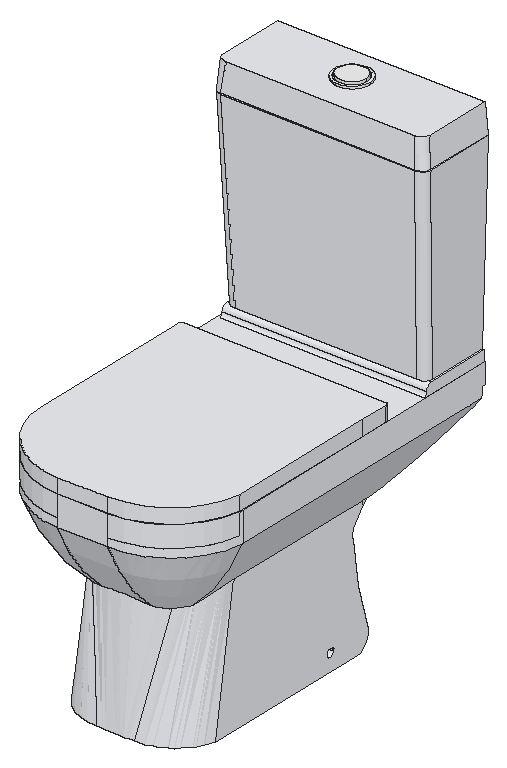
Revit family "MIRAGE TOP FLUSH SUITE", category Plumbing Fixtures, Revit 2019
Family settings
  Round Connector Dimension = Use Diameter
  Part Type = Normal
  OmniClass Number = 23.45.00.00
  OmniClass Title = Sanitary, Laundry, and Cleaning Equipment
  Work Plane-Based = No
  Always vertical = Yes
  Cut with Voids When Loaded = No
  Shared = No
  Room Calculation Point = No
Parameters
  Finish = none
Reference planes
  plane 1: z = 0
  plane 2 "Center (Left/Right)": x = 0
Forms (mm)
  Blend 1, solid, material "TOILET"
    base sketch origin (0, -15, 0) x (1, 0, 0) y (0, 1, 0)
      loop
        line (-124.697, 47.856) -> (-124.697, -397.144)
        arc (-124.697, -397.144) -> (-90.795, -446.583) -> (-33.953, -465.625) r 94.364
        line (-33.953, -465.625) -> (33.953, -465.625)
        arc (33.953, -465.625) -> (90.794, -446.585) -> (124.696, -397.148) r 94.364
        line (124.696, -397.148) -> (124.696, 47.856) -> (124.696, 51.266)
        arc (124.696, 51.266) -> (123.587, 54.015) -> (121.35, 55.96) r 6.343
        line (121.35, 55.96) -> (-120.05, 56.464)
        arc (-120.05, 56.464) -> (-123.152, 54.561) -> (-124.697, 51.266) r 6.343
        line (-124.697, 51.266) -> (-124.697, 47.856)
    top sketch origin (0, -15, 0) x (1, 0, 0) y (0, 1, 0)
      loop
        line (-110.859, -26.347) -> (-110.859, -355.899)
        arc (-110.859, -355.899) -> (-101.21, -392.217) -> (-79.205, -422.679) r 103.272
        arc (-79.205, -422.679) -> (1.311, -454.943) -> (81.828, -422.679) r 116.599
        arc (81.828, -422.679) -> (107.199, -386.558) -> (116.826, -343.48) r 113.197
        line (116.826, -343.48) -> (116.826, -73.063) -> (117.145, 41.442)
        arc (117.145, 41.442) -> (116.352, 43.962) -> (114.239, 45.548) r 4.319
        line (114.239, 45.548) -> (-107.62, 46.011)
        arc (-107.62, 46.011) -> (-109.781, 44.725) -> (-110.859, 42.453) r 4.319
        line (-110.859, 42.453) -> (-110.859, -26.347)
    from 0 to 257.733
  Extrusion 2, solid, material "TOILET"
    sketch origin (0, 0, 0) x (1, 0, 0) y (0, 1, 0)
      loop
        line (-184.114, 71.129) -> (-184.114, -414.92)
        arc (-184.114, -414.92) -> (-142.287, -515.901) -> (-41.306, -557.728) r 142.808
        line (-41.306, -557.728) -> (47.556, -557.728)
        arc (47.556, -557.728) -> (139.688, -524.034) -> (188.344, -438.852) r 142.808
        line (188.344, -438.852) -> (188.344, -111.87) -> (188.938, 100.768)
        arc (188.938, 100.768) -> (187.655, 104.841) -> (184.241, 107.405) r 6.982
        line (184.241, 107.405) -> (-178.891, 108.163)
        arc (-178.891, 108.163) -> (-182.304, 106.202) -> (-184.114, 102.706) r 6.982
        line (-184.114, 102.706) -> (-184.114, 71.129)
    from 364.786 to 403.039
  Extrusion 3, solid, material "TOILET"
    sketch origin (0, 0, 61.076) x (1, 0, 0) y (0, 1, 0)
      loop
        line (-184.114, -141.659) -> (-184.114, -414.92)
        arc (-184.114, -414.92) -> (-142.287, -515.901) -> (-41.306, -557.728) r 142.808
        line (-41.306, -557.728) -> (47.556, -557.728)
        arc (47.556, -557.728) -> (139.688, -524.034) -> (188.344, -438.852) r 142.808
        line (188.344, -438.852) -> (188.344, -165.445) -> (188.493, -112.021)
        arc (188.493, -112.021) -> (187.211, -107.948) -> (183.796, -105.384) r 6.982
        line (183.796, -105.384) -> (-178.801, -104.627)
        arc (-178.801, -104.627) -> (-182.433, -106.832) -> (-184.114, -110.734) r 6.982
        line (-184.114, -110.734) -> (-184.114, -141.659)
    from 343.039 to 368.924
  Blend 4, void
    base sketch origin (0, 0, 0) x (1, 0, 0) y (0, 1, 0)
      loop
        arc (-40.491, -335.184) -> (-1.305, -374.37) -> (37.88, -335.184) r 39.186
        line (37.88, -335.184) -> (37.88, -256.039) -> (-40.491, -256.039) -> (-40.491, -335.184)
    top sketch origin (0, 0, 0) x (1, 0, 0) y (0, 1, 0)
      loop
        arc (-103.256, -274.833) -> (-104.211, -334.544) -> (-103.256, -394.254) r 1866.863
        arc (-103.256, -394.254) -> (-88.787, -441.002) -> (-52.462, -473.793) r 92.346
        arc (-52.462, -473.793) -> (8.789, -488.333) -> (70.04, -473.793) r 136.282
        arc (70.04, -473.793) -> (106.365, -441.002) -> (120.834, -394.254) r 92.346
        arc (120.834, -394.254) -> (121.789, -334.544) -> (120.834, -274.833) r 1866.863
        arc (120.834, -274.833) -> (113.89, -253.979) -> (96.669, -240.321) r 38.506
        arc (96.669, -240.321) -> (8.789, -223.372) -> (-79.09, -240.321) r 236.299
        arc (-79.09, -240.321) -> (-96.312, -253.979) -> (-103.256, -274.833) r 38.506
    from 246.919 to 402.146
  Extrusion 5, solid, material <- "Finish"
    sketch origin (1.195, 749.535, 842.871) x (0, 1, 0) y (-1, 0, 0)
      loop
        circle (-703.35, -0.057) r 32
      loop
        circle (-703.35, -0.057) r 28.331
    from -30.695 to -19.07
  Extrusion 6, solid, material <- "Finish"
    sketch origin (1.195, 749.535, 842.871) x (0, 1, 0) y (-1, 0, 0)
      loop
        circle (-703.546, -0.324) r 25
    from -35.934 to -15.613
  Blend 7, solid, material "TOILET"
    base sketch origin (0, -17.382, 0) x (1, 0, 0) y (0, 1, 0)
      loop
        line (-176.441, 125.171) -> (-176.441, 18.304)
        arc (-176.441, 18.304) -> (-171.461, 6.282) -> (-159.439, 1.302) r 17.002
        line (-159.439, 1.302) -> (167.794, 1.302)
        arc (167.794, 1.302) -> (178.859, 5.396) -> (184.596, 15.704) r 17.002
        line (184.596, 15.704) -> (184.596, 125.171) -> (-176.441, 125.171)
    top sketch origin (0, -17.382, 0) x (1, 0, 0) y (0, 1, 0)
      loop
        line (-186.441, 125.171) -> (-186.441, 1.302)
        arc (-186.441, 1.302) -> (-181.461, -10.72) -> (-169.439, -15.7) r 17.002
        line (-169.439, -15.7) -> (177.794, -15.7)
        arc (177.794, -15.7) -> (188.859, -11.606) -> (194.596, -1.297) r 17.002
        line (194.596, -1.297) -> (194.596, 125.171) -> (-186.441, 125.171)
    from 422.686 to 767.2
  Extrusion 8, solid, material "TOILET"
    sketch origin (0, 46.91, 0) x (0, 1, 0) y (0, 0, 1)
      loop
        line (60.879, 402.146) -> (60.879, 422.686) -> (-55.806, 422.686)
        arc (-55.806, 422.686) -> (-63.817, 419.368) -> (-67.135, 411.357) r 11.329
        arc (-67.135, 411.357) -> (-68.56, 406.039) -> (-72.454, 402.146) r 10.637
        line (-72.454, 402.146) -> (60.879, 402.146)
    from -177.705 to 188.344
  Blend 9, solid, material "TOILET"
    base sketch origin (0, -17.382, 0) x (1, 0, 0) y (0, 1, 0)
      loop
        line (-186.441, 125.171) -> (-186.441, 1.302)
        arc (-186.441, 1.302) -> (-181.461, -10.72) -> (-169.439, -15.7) r 17.002
        line (-169.439, -15.7) -> (177.794, -15.7)
        arc (177.794, -15.7) -> (188.859, -11.606) -> (194.596, -1.297) r 17.002
        line (194.596, -1.297) -> (194.596, 125.171) -> (-186.441, 125.171)
    top sketch origin (0, -17.382, 0) x (1, 0, 0) y (0, 1, 0)
      loop
        line (-181.285, 125.171) -> (-181.285, 4.472)
        arc (-181.285, 4.472) -> (-176.433, -7.242) -> (-164.719, -12.094) r 16.567
        line (-164.719, -12.094) -> (173.628, -12.094)
        arc (173.628, -12.094) -> (184.41, -8.106) -> (190, 1.939) r 16.567
        line (190, 1.939) -> (190, 125.171) -> (-181.285, 125.171)
    from 769.981 to 820.883
  Extrusion 10, void
    sketch origin (0, -78.336, -4.875) x (0, 1, 0) y (0, 0, 1)
      loop
        circle (-77.495, 34.652) r 8
    from -288.146 to 500
  Extrusion 11, void
    sketch origin (0, 0, 0) x (0, 1, 0) y (0, 0, 1)
      loop
        line (106.085, 403.039) -> (102.483, 361.499)
        arc (102.483, 361.499) -> (98.514, 348.721) -> (89.095, 339.218) r 28.158
        arc (89.095, 339.218) -> (-14.668, 284.269) -> (-97.935, 201.487) r 398.836
        arc (-97.935, 201.487) -> (-99.63, 192.985) -> (-99.135, 184.33) r 34.243
        arc (-99.135, 184.33) -> (-90.068, 111.133) -> (-72.191, 39.575) r 607.098
        arc (-72.191, 39.575) -> (-75.431, 14.086) -> (-96.92, 0) r 30.681
        line (-96.92, 0) -> (273.08, 0) -> (273.08, 403.039) -> (106.085, 403.039)
    from -373.951 to 500
  Sweep 12, solid, material "TOILET"
    path origin (0, 23.718, 40.084) x (1, 0, 0) y (0, 1, 0)
      loop
        line (-110.899, 84.849) -> (-110.899, -451.125)
        arc (-110.899, -451.125) -> (-86.672, -492.869) -> (-41.306, -509.342) r 70.704
        line (-41.306, -509.342) -> (47.556, -509.342)
        arc (47.556, -509.342) -> (92.885, -492.9) -> (117.132, -451.22) r 70.704
        line (117.132, -451.22) -> (117.132, 84.849)
    profile origin (117.132, -159.468, 40.084) x (-1, 0, 0) y (0, 0, 1)
      loop
        line (-56.572, 362.955) -> (-72.104, 362.955) -> (-72.104, 309.238)
        arc (-72.104, 309.238) -> (-33.632, 237.229) -> (20.875, 176.45) r 340.469
        line (20.875, 176.45) -> (-56.572, 362.955)
  Extrusion 13, solid, material "TOILET"
    sketch origin (0, 0, 0) x (1, 0, 0) y (0, 0, 1)
      loop
        line (189.235, 403.039) -> (-183.596, 403.039) -> (-183.596, 349.322)
        arc (-183.596, 349.322) -> (-145.125, 277.313) -> (-90.617, 216.534) r 340.469
        line (-90.617, 216.534) -> (96.256, 216.534)
        arc (96.256, 216.534) -> (150.764, 277.313) -> (189.235, 349.322) r 340.469
        line (189.235, 349.322) -> (189.235, 403.039)
    from -107.79 to 175.015
  Extrusion 14, void
    sketch origin (0, 0, 0) x (0, 1, 0) y (0, 0, 1)
      loop
        arc (101.579, 366.11) -> (96.938, 347.42) -> (81.615, 335.755) r 29.009
        arc (81.615, 335.755) -> (-16.957, 278.701) -> (-98.971, 199.674) r 471.464
        arc (-98.971, 199.674) -> (-100.647, 192.292) -> (-100.278, 184.731) r 27.909
        arc (-100.278, 184.731) -> (-90.291, 107.904) -> (-71.849, 32.658) r 697.852
        arc (-71.849, 32.658) -> (-73.515, 12.488) -> (-88.571, -1.036) r 27.398
        line (-88.571, -1.036) -> (149.154, -1.036) -> (149.154, 366.11) -> (101.579, 366.11)
    from -200 to 500
  Extrusion 15, solid, material "TOILET"
    sketch origin (0, -246.422, -14.057) x (1, 0, 0) y (0, 0, 1)
      loop
        circle (0, 201.487) r 45
    from -200 to -124.212
Cuts and joins
  Blend 4 cuts Extrusion 3
  Extrusion 10 cuts Blend 7
  Blend 4, Extrusion 10, Extrusion 11, Extrusion 14 cuts Blend 1
  Blend 4, Extrusion 10, Extrusion 11, Extrusion 14 cuts Extrusion 2
  Extrusion 10, Extrusion 11, Extrusion 14 cuts Extrusion 8
  Extrusion 10, Extrusion 11, Extrusion 14 cuts Blend 9
  Extrusion 14 cuts Sweep 12
  Extrusion 14 cuts Extrusion 13
  joined: Blend 1, Extrusion 2, Extrusion 8, Blend 9, Sweep 12, Extrusion 13
Dimensions and locks
  aligned and locked: level to plane 1
